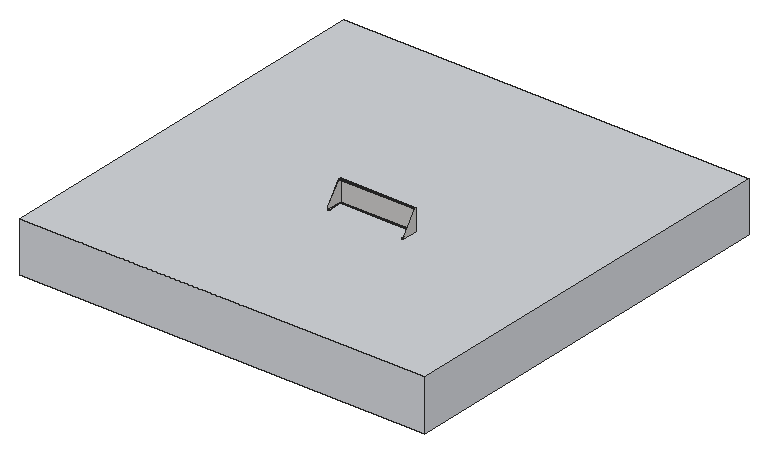
Revit family
Parameters (values of type "755-18")
  Warranty Information = "Complete Unit, One (1) Year"  # constant formula
  Version = "1.0"  # constant formula
  Technical Data = "http://www.bradleycorp.com/products/techdata/8765.pdf"
  Single Bracket on-off = Display Controll = 1  # no
  Percentage Of Recycled Content = 56.42
  Length = 1' - 6"
  URL = "www.bradleycorp.com"
  Type Comments = "Shelf"  # constant formula
  OmniClass Title = ""
  OmniClass Number = 0
  Mounting Height = 3' - 0"  # constant formula
  Modeling Code = ""
  Model = "755-18"
  Materials and Finishes = ""
  Material Note = "18 GA. STAINLESS STEEL WITH EXPOSED SURFACES IN ARCHITECTURAL SATIN FINISH."  # constant formula
  MasterFormat Section Title = ""
  MasterFormat Section Number = 0
  Manufacturer = "Bradley Corporation"  # constant formula
  Industry Standards = ""
  Display Controll = if(Length < 2' 1", 0, if(Length < 4' 1", 1, if(Length > 4' 0", 3, 4)))  # 0
  Depth = 0' - 5"
  LEED = ""
  Instructions [instance] = "This is a face mounted fixture."  # constant formula
  Height = 0' - 3 3/4"  # constant formula
  Fire Rating = ""
  Finish = Bradley Corp Stainless Steel - Satin
  Description = "Shelf"
  Default Elevation = 3' - 0"  # constant formula
  Custom Lengths = "Lengths are available between 6 inches and 112 inches in 1/4 inch increments for units ending in XX only."  # constant formula
  Copyright = "This Model Data is Property of Bradley Corporation"  # constant formula
  Complies to NAFTA = "YES"  # constant formula
  Complies To Buy American Act = "YES"  # constant formula
  Bracket Controll = if(Length < 4' 1", 2, if(Length < 6' 1", 2, if(Length < 8' 1", 3, 4)))  # 2
  Assembly Code = "C1030200"
  Array on-off = Display Controll = 3  # no
  ADA Compliant = ""
Types (5): name | Technical Data | Single Bracket on-off | Percentage Of Recycled Content | Length | Model | Display Controll | Depth
  758-24 | "" | no | 64.25 | 2' - 0" | "758-24" | 0 | 0' - 8"
  755-18 | "http://www.bradleycorp.com/products/techdata/8765.pdf" | no | 56.42 | 1' - 6" | "755-18" | 0 | 0' - 5"
  755-XX | "" | yes | 0 | 4' - 0" | "755-XX" | 1 | 0' - 5"
  756-XX | "" | no | 0 | 1' - 6" | "756-XX" | 0 | 0' - 6"
  758-XX | "" | no | 0 | 1' - 6" | "758-XX" | 0 | 0' - 8"
Reference planes (in)
  plane 1 "Center (Front/Back)": y = -21.125
  plane 2: z = 0
  plane 3 "Center (Left/Right)": x = 2.1875
  plane 4: x = -6.8125
  plane 5: x = 11.1875
  plane 6: y = -19.25
  plane 7: y = -23
Forms (in)
  Extrusion 1, solid
    sketch origin (-1.1875, -13.25, 0) x (1, 0, 0) y (0, 1, 0)
      loop
        line (-48, 48) -> (-48, -48) -> (48, -48) -> (48, 48) -> (-48, 48)
    from 0 to -12
Dimensions and locks (in)
  "Height": plane 7 to plane 6
  "Length": plane 4 to plane 5
  equal spacing: plane 6, plane 1 "Center (Front/Back)", plane 7
  equal spacing: plane 4, plane 3 "Center (Left/Right)", plane 5
  aligned and locked: plane 2 to Extrusion 1
  aligned and locked: plane 3 "Center (Left/Right)" to nested 1
  aligned and locked: level to Extrusion 1
  aligned and locked: level to nested 1
  aligned and locked: level to nested 2
  aligned and locked: level to nested 3
  aligned and locked: plane 3 "Center (Left/Right)" to nested 3
  aligned and locked: plane 3 "Center (Left/Right)" to nested 2
  aligned and locked: nested 1 to nested 2
  aligned and locked: nested 1 to nested 3
Automatic sketch dimensions
  Extrusion 1 sketch curve to Extrusion 1 sketch curve = 8' - 0"  (x2)
Nested families (in)
  nested 1: "755-Model" at (2.1875, -21.125, 0.25965) x (1, 0, 0) z (0, 1, 0), type "755"
    with Length 1' - 6", Depth 0' - 5"
  nested 2: "755-Model-Bracket-Array" at (10.5875, -20.94442, 0.25965) x (1, 0, 0) z (0, 1, 0), visible <- "Array on-off", type "755"
    with Segment Length 0' - 6", Number of Spaces 3, Number of Brackets 2, Length 1' - 6"
  nested 3: "755-Model-Bracket" at (2.1875, -20.94442, 0.25965) x (1, 0, 0) z (0, 1, 0), visible <- "Single Bracket on-off", type "755"
Definition of nested family "755-Model"
  Parameters (values of type "755")
    Number of Brackets = 2
    Manufacturer = "Bradley Corporation"  # constant formula
    Length = 2' - 0"
    Height = 0' - 3 3/4"
    Depth = 0' - 8"
    Default Elevation = 4' - 0"
    Color Selection = Bradley Corp Stainless Steel - Satin
    Assembly Code = ""
  Reference planes (in)
    plane 1 "Center (Front/Back)": y = 0.25965
    plane 2: z = 0
    plane 3 "Center (Left/Right)": x = 0
    plane 4: x = -12
    plane 5: x = 12
    plane 6: z = 1.875
    plane 7: z = -1.875
    plane 8: y = 4.44233
    plane 9: y = 2.06733
    plane 10: y = -7.74035
    plane 11: z = 1.5
    plane 12: x = 11.5
    plane 13: x = -11.5
    plane 14: x = -11.95
    plane 15: x = 11.95
  Forms (in)
    Extrusion 1, solid, material "Bradley Corp Stainless Steel - Satin" <- "Color Selection"
      sketch origin (0, 0, 0) x (1, 0, 0) y (0, 1, 0)
        loop
          line (-12, -7.74035) -> (12, -7.74035) -> (12, 0.25965) -> (-12, 0.25965) -> (-12, -7.74035)
      from 1.5 to 1.875
    Extrusion 2, solid, material "Bradley Corp Stainless Steel - Satin" <- "Color Selection"
      sketch origin (0, 0.25965, 0) x (1, 0, 0) y (0, 0, 1)
        loop
          line (-12, 1.5) -> (-12, -1.875) -> (-11.5, -1.875) -> (-11.5, 1.5) -> (-12, 1.5)
      from 0 to 0.05
    Extrusion 3, solid, material "Bradley Corp Stainless Steel - Satin" <- "Color Selection"
      sketch origin (0, 0, 0) x (0, 1, 0) y (0, 0, 1)
        loop
          line (0.25965, -1.875) -> (0.25965, 1.5) -> (-7.74035, 1.5) -> (-0.24035, -1.875) -> (0.25965, -1.875)
      from -12 to -11.95
    Extrusion 4, solid, material "Bradley Corp Stainless Steel - Satin" <- "Color Selection"
      sketch origin (0, 0.25965, 0) x (-1, 0, 0) y (0, 0, -1)
        loop
          line (-12, -1.5) -> (-11.5, -1.5) -> (-11.5, 1.875) -> (-12, 1.875) -> (-12, -1.5)
      from 0 to 0.05
    Extrusion 5, solid, material "Bradley Corp Stainless Steel - Satin" <- "Color Selection"
      sketch origin (0, 0, 0) x (0, 1, 0) y (0, 0, -1)
        loop
          line (0.25965, 1.875) -> (-0.24035, 1.875) -> (-7.74035, -1.5) -> (0.25965, -1.5) -> (0.25965, 1.875)
      from -12 to -11.95
    Extrusion 6, void
      sketch origin (0, 0, 0) x (1, 0, 0) y (0, 1, 0)
        loop
          line (-11.95, 0.20965) -> (-11.95, -7.67785) -> (11.95, -7.67785) -> (11.95, 0.20965) -> (-11.95, 0.20965)
      from 0 to 1.81152
  Cuts and joins
    Extrusion 6 cuts Extrusion 1
    Extrusion 6 cuts Extrusion 2
    Extrusion 6 cuts Extrusion 3
    Extrusion 6 cuts Extrusion 4
    Extrusion 6 cuts Extrusion 5
    joined: Extrusion 1, Extrusion 2, Extrusion 3, Extrusion 4, Extrusion 5
  Dimensions and locks (in)
    equal spacing: plane 5, plane 3 "Center (Left/Right)", plane 4
    "Length": plane 5 to plane 4
    equal spacing: plane 6, level, plane 7
    "Height": plane 6 to plane 7
    "Depth": plane 10 to plane 1 "Center (Front/Back)"
    locked: plane 6 to plane 11 at 0.375
    locked: plane 4 to plane 13 at 0.5
    locked: plane 12 to plane 5 at 0.5
    locked: plane 5 to plane 15 at 0.05
    locked: plane 14 to plane 4 at 0.05
    aligned and locked: plane 4 to Extrusion 1 sketch curve
    aligned and locked: plane 10 to Extrusion 1 sketch curve
    aligned and locked: plane 1 "Center (Front/Back)" to Extrusion 1 sketch curve
    aligned and locked: plane 5 to Extrusion 1 sketch curve
    aligned and locked: Extrusion 1 to plane 6
    aligned and locked: plane 11 to Extrusion 1
    aligned and locked: cut or joined group of Extrusion 1, Extrusion 2, Extrusion 3, Extrusion 4, Extrusion 5, Extrusion 6 to plane 13
    aligned and locked: cut or joined group of Extrusion 1, Extrusion 2, Extrusion 3, Extrusion 4, Extrusion 5, Extrusion 6 to cut or joined group of Extrusion 1, Extrusion 2, Extrusion 3, Extrusion 4, Extrusion 5, Extrusion 6  (x2)
    aligned and locked: plane 12 to cut or joined group of Extrusion 1, Extrusion 2, Extrusion 3, Extrusion 4, Extrusion 5, Extrusion 6
    aligned and locked: cut or joined group of Extrusion 1, Extrusion 2, Extrusion 3, Extrusion 4, Extrusion 5, Extrusion 6 to plane 4
    aligned and locked: plane 5 to cut or joined group of Extrusion 1, Extrusion 2, Extrusion 3, Extrusion 4, Extrusion 5, Extrusion 6
    aligned and locked: cut or joined group of Extrusion 1, Extrusion 2, Extrusion 3, Extrusion 4, Extrusion 5, Extrusion 6 to Extrusion 6 sketch curve
    aligned and locked: Extrusion 6 sketch curve to cut or joined group of Extrusion 1, Extrusion 2, Extrusion 3, Extrusion 4, Extrusion 5, Extrusion 6
    aligned and locked: Extrusion 6 to Extrusion 5
    aligned and locked: plane 14 to cut or joined group of Extrusion 1, Extrusion 2, Extrusion 3, Extrusion 4, Extrusion 5, Extrusion 6
    aligned and locked: plane 15 to Extrusion 6
  Automatic sketch dimensions
    Extrusion 2 sketch curve to plane 4 = 0' - 0"
    Extrusion 2 sketch curve to plane 11 = 0' - 0"
    Extrusion 2 sketch curve to plane 7 = 0' - 0"
    Extrusion 2 sketch curve to Extrusion 2 sketch curve = 0' - 0 1/2"
    Extrusion 3 sketch curve to plane 10 = 0' - 0"
    Extrusion 3 sketch curve to plane 7 = 0' - 0"
    Extrusion 3 sketch curve to plane 1 "Center (Front/Back)" = 0' - 0"
    Extrusion 3 sketch curve to plane 11 = 0' - 0"
    Extrusion 3 sketch curve to Extrusion 3 sketch curve = 0' - 0 1/2"
    Extrusion 4 sketch curve to plane 5 = 0' - 0"
    Extrusion 4 sketch curve to plane 11 = 0' - 0"
    Extrusion 4 sketch curve to plane 7 = 0' - 0"
    Extrusion 4 sketch curve to Extrusion 4 sketch curve = 0' - 0 1/2"
    Extrusion 5 sketch curve to plane 10 = 0' - 0"
    Extrusion 5 sketch curve to plane 7 = 0' - 0"
    Extrusion 5 sketch curve to plane 1 "Center (Front/Back)" = 0' - 0"
    Extrusion 5 sketch curve to plane 11 = 0' - 0"
    plane 1 "Center (Front/Back)" to Extrusion 5 sketch curve = 0' - 0 1/2"
    Extrusion 6 sketch curve to plane 10 = 0' - 0 1/16"
    Extrusion 6 sketch curve to plane 15 = 0' - 0"
Definition of nested family "755-Model-Bracket-Array"
  Parameters (values of type "755")
    Segment Length = Length / Number of Spaces  # 1' - 4.8"
    Number of Spaces = 5
    Number of Brackets = Number of Spaces - 1  # 4
    Length = 7' - 0"
    Manufacturer = "Bradley Corporation"  # constant formula
    Default Elevation = 4' - 0"
    Color Selection = Bradley Corp Stainless Steel - Satin
    Assembly Code = ""
  Reference planes (in)
    plane 1 "Center (Front/Back)": y = 0.25965
    plane 2: z = 0
    plane 3 "Center (Left/Right)": x = -8.4
    plane 4: x = 33.6
    plane 5: z = 1.875
    plane 6: z = -1.875
    plane 7: y = 4.44233
    plane 8: y = 2.06733
    plane 9: z = 1.5
    plane 10: x = -50.4
    plane 11: x = -33.6
    plane 12: x = 16.8
  Dimensions and locks (in)
    equal spacing: plane 5, level, plane 6
    locked: plane 5 to plane 6 at 3.75
    equal spacing: plane 10, plane 3 "Center (Left/Right)", plane 4
    "Length": plane 10 to plane 4
    "Segment Length": plane 10 to plane 11
    "Segment Length": plane 12 to plane 4
    equal spacing: group 1, group 3, group 4, group 2  (x3)
    aligned and locked: plane 11 to nested 1
    aligned and locked: plane 1 "Center (Front/Back)" to nested 1
    aligned and locked: plane 12 to nested 2
  Nested families (in)
    nested 1: "755-Model-Bracket" at (-33.6, 0, 0), type "755"
    nested 2: "755-Model-Bracket" at (16.8, 0, 0), type "755"
    nested 3: "755-Model-Bracket" at (-16.8, 0, 0), type "755"
    nested 4: "755-Model-Bracket" at (0, 0, 0), type "755"
  Definition of nested family "755-Model-Bracket"
    Parameters (values of type "755")
      Length = 3' - 0"
      Manufacturer = "Bradley Corporation"  # constant formula
      Height = 0' - 3 3/4"
      Depth = 0' - 5"
      Default Elevation = 4' - 0"
      Color Selection = Bradley Corp Stainless Steel - Satin
      Assembly Code = ""
    Reference planes (in)
      plane 1 "Center (Front/Back)": y = 0.25965
      plane 2: z = 0
      plane 3 "Center (Left/Right)": x = 0
      plane 4: x = 18
      plane 5: z = 1.875
      plane 6: z = -1.875
      plane 7: y = 4.44233
      plane 8: y = 2.06733
      plane 9: y = -4.74035
      plane 10: z = 1.5
      plane 11: x = -17.875
      plane 12: x = -0.125
    Forms (in)
      Extrusion 1, solid, material "Bradley Corp Stainless Steel - Satin" <- "Color Selection"
        sketch origin (0, 0.25965, 0) x (1, 0, 0) y (0, 0, 1)
          loop
            line (-0.125, 1.5) -> (-0.125, -1.5) -> (0.5, -1.5) -> (0.5, 1.5) -> (-0.125, 1.5)
        from 0 to 0.11409
      Extrusion 2, solid, material "Bradley Corp Stainless Steel - Satin" <- "Color Selection"
        sketch origin (0, 0, 0) x (0, 1, 0) y (0, 0, 1)
          loop
            line (0.25965, -1.5) -> (0.25965, 1.5) -> (-3.74035, 1.5) -> (0.25965, -1.5)
        from -0.125 to 0
      Extrusion 3, solid, material "Bradley Corp Stainless Steel - Satin" <- "Color Selection"
        sketch origin (0, 0, 0) x (1, 0, 0) y (0, 1, 0)
          loop
            line (-0.125, 0.25965) -> (-0.125, -3.74035) -> (0.5, -3.74035) -> (0.5, 0.25965) -> (-0.125, 0.25965)
        from 1.5 to 1.63095
    Cuts and joins
      joined: Extrusion 1, Extrusion 2, Extrusion 3
    Dimensions and locks (in)
      plane 4 to plane 3 "Center (Left/Right)" = 1' - 6"
      equal spacing: plane 5, level, plane 6
      "Height": plane 5 to plane 6
      "Depth": plane 9 to plane 1 "Center (Front/Back)"
      cut or joined group of Extrusion 1, Extrusion 2, Extrusion 3 to plane 12 = 0' - 0 5/8"
      aligned and locked: cut or joined group of Extrusion 1, Extrusion 2, Extrusion 3 to cut or joined group of Extrusion 1, Extrusion 2, Extrusion 3
      aligned and locked: Extrusion 2 to plane 12
      aligned and locked: Extrusion 1 to Extrusion 2  (x2)
      aligned and locked: plane 10 to Extrusion 3
    Automatic sketch dimensions
      Extrusion 1 sketch curve to plane 10 = 0' - 0"
      plane 6 to Extrusion 1 sketch curve = 0' - 0 3/8"
      Extrusion 1 sketch curve to Extrusion 1 sketch curve = 0' - 0 5/8"
      Extrusion 2 sketch curve to plane 9 = 0' - 1"
      plane 6 to Extrusion 2 sketch curve = 0' - 0 3/8"
      Extrusion 2 sketch curve to plane 1 "Center (Front/Back)" = 0' - 0"
      Extrusion 2 sketch curve to plane 10 = 0' - 0"
      plane 11 to Extrusion 1 sketch curve = 1' - 5 3/4"
      Extrusion 3 sketch curve to plane 9 = 0' - 1"
      Extrusion 3 sketch curve to plane 12 = 0' - 0"
      Extrusion 3 sketch curve to plane 1 "Center (Front/Back)" = 0' - 0"
      plane 3 "Center (Left/Right)" to Extrusion 3 sketch curve = 0' - 0 1/2"
Definition of nested family "755-Model-Bracket"
  Parameters (values of type "755")
    Length = 3' - 0"
    Manufacturer = "Bradley Corporation"  # constant formula
    Height = 0' - 3 3/4"
    Depth = 0' - 5"
    Default Elevation = 4' - 0"
    Color Selection = Bradley Corp Stainless Steel - Satin
    Assembly Code = ""
  Reference planes (in)
    plane 1 "Center (Front/Back)": y = 0.25965
    plane 2: z = 0
    plane 3 "Center (Left/Right)": x = 0
    plane 4: x = 18
    plane 5: z = 1.875
    plane 6: z = -1.875
    plane 7: y = 4.44233
    plane 8: y = 2.06733
    plane 9: y = -4.74035
    plane 10: z = 1.5
    plane 11: x = -17.875
    plane 12: x = -0.125
  Forms (in)
    Extrusion 1, solid, material "Bradley Corp Stainless Steel - Satin" <- "Color Selection"
      sketch origin (0, 0.25965, 0) x (1, 0, 0) y (0, 0, 1)
        loop
          line (-0.125, 1.5) -> (-0.125, -1.5) -> (0.5, -1.5) -> (0.5, 1.5) -> (-0.125, 1.5)
      from 0 to 0.11409
    Extrusion 2, solid, material "Bradley Corp Stainless Steel - Satin" <- "Color Selection"
      sketch origin (0, 0, 0) x (0, 1, 0) y (0, 0, 1)
        loop
          line (0.25965, -1.5) -> (0.25965, 1.5) -> (-3.74035, 1.5) -> (0.25965, -1.5)
      from -0.125 to 0
    Extrusion 3, solid, material "Bradley Corp Stainless Steel - Satin" <- "Color Selection"
      sketch origin (0, 0, 0) x (1, 0, 0) y (0, 1, 0)
        loop
          line (-0.125, 0.25965) -> (-0.125, -3.74035) -> (0.5, -3.74035) -> (0.5, 0.25965) -> (-0.125, 0.25965)
      from 1.5 to 1.63095
  Cuts and joins
    joined: Extrusion 1, Extrusion 2, Extrusion 3
  Dimensions and locks (in)
    plane 4 to plane 3 "Center (Left/Right)" = 1' - 6"
    equal spacing: plane 5, level, plane 6
    "Height": plane 5 to plane 6
    "Depth": plane 9 to plane 1 "Center (Front/Back)"
    cut or joined group of Extrusion 1, Extrusion 2, Extrusion 3 to plane 12 = 0' - 0 5/8"
    aligned and locked: cut or joined group of Extrusion 1, Extrusion 2, Extrusion 3 to cut or joined group of Extrusion 1, Extrusion 2, Extrusion 3
    aligned and locked: Extrusion 2 to plane 12
    aligned and locked: Extrusion 1 to Extrusion 2  (x2)
    aligned and locked: plane 10 to Extrusion 3
  Automatic sketch dimensions
    Extrusion 1 sketch curve to plane 10 = 0' - 0"
    plane 6 to Extrusion 1 sketch curve = 0' - 0 3/8"
    Extrusion 1 sketch curve to Extrusion 1 sketch curve = 0' - 0 5/8"
    Extrusion 2 sketch curve to plane 9 = 0' - 1"
    plane 6 to Extrusion 2 sketch curve = 0' - 0 3/8"
    Extrusion 2 sketch curve to plane 1 "Center (Front/Back)" = 0' - 0"
    Extrusion 2 sketch curve to plane 10 = 0' - 0"
    plane 11 to Extrusion 1 sketch curve = 1' - 5 3/4"
    Extrusion 3 sketch curve to plane 9 = 0' - 1"
    Extrusion 3 sketch curve to plane 12 = 0' - 0"
    Extrusion 3 sketch curve to plane 1 "Center (Front/Back)" = 0' - 0"
    plane 3 "Center (Left/Right)" to Extrusion 3 sketch curve = 0' - 0 1/2"
